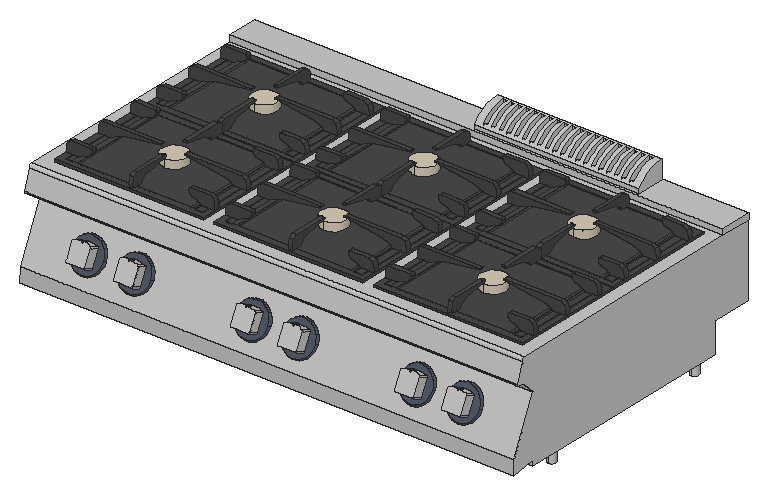
Revit family "QF_ZANUSSI_372004_Z7GCGL6C00", category Specialty Equipment, Revit 2018 (continued)
Automatic sketch dimensions
  Extrusion 33 sketch curve to Extrusion 33 sketch curve = 2.997 mm  (x4)
  Extrusion 33 sketch curve to Extrusion 33 sketch curve = 20.003 mm  (x2)
  Extrusion 33 sketch curve to Extrusion 33 sketch curve = 5.399 mm
  Extrusion 33 sketch curve to Extrusion 33 sketch curve = 40.037 mm
  Extrusion 33 sketch curve to Extrusion 33 sketch curve = 0 mm  (x2)
  Extrusion 34 sketch curve to Extrusion 34 sketch curve = 3 mm
  Extrusion 34 sketch curve to Extrusion 34 sketch curve = 0 mm  (x2)
  Extrusion 34 sketch curve to Extrusion 34 sketch curve = 1 mm
  Extrusion 34 sketch curve to Extrusion 34 sketch curve = 15 mm
  Extrusion 35 sketch curve to Extrusion 35 sketch curve = 35 mm  (x2)
  Extrusion 36 sketch curve to Extrusion 36 sketch curve = 3 mm
  Extrusion 36 sketch curve to Extrusion 36 sketch curve = 0 mm
  Extrusion 36 sketch curve to Extrusion 36 sketch curve = 1 mm  (x2)
  Extrusion 36 sketch curve to Extrusion 36 sketch curve = 15 mm
  Extrusion 37 sketch curve to Extrusion 37 sketch curve = 35 mm  (x2)
  Extrusion 39 sketch curve to Extrusion 39 sketch curve = 2.997 mm  (x4)
  Extrusion 39 sketch curve to Extrusion 39 sketch curve = 20.003 mm  (x2)
  Extrusion 39 sketch curve to Extrusion 39 sketch curve = 0 mm  (x2)
  Extrusion 39 sketch curve to Extrusion 39 sketch curve = 40.037 mm
  Extrusion 39 sketch curve to Extrusion 39 sketch curve = 5.399 mm
  Split face 34 sketch curve to Split face 34 sketch curve = 6 mm
  Split face 34 sketch curve to Split face 34 sketch curve = 10 mm
  Split face 35 sketch curve to Split face 35 sketch curve = 5 mm
  Split face 35 sketch curve to Split face 35 sketch curve = 9 mm
  Split face 36 sketch curve to Split face 36 sketch curve = 5 mm
  Split face 37 sketch curve to Split face 37 sketch curve = 5 mm
  Split face 38 sketch curve to Split face 38 sketch curve = 6 mm
  Split face 38 sketch curve to Split face 38 sketch curve = 10 mm
  Split face 39 sketch curve to Split face 39 sketch curve = 5 mm
  Split face 39 sketch curve to Split face 39 sketch curve = 9 mm
  Split face 40 sketch curve to Split face 40 sketch curve = 5 mm
  Split face 41 sketch curve to Split face 41 sketch curve = 5 mm
  curve 2 to plane 4 "RIGHT" = 0 mm
  plane 5 "FRONT" to curve 3 = 0.129 mm
  plane 5 "FRONT" to curve 1 = 0.129 mm
  plane 3 "LEFT" to curve 91 = 120.334 mm
  curve 91 to curve 94 = 0.774 mm
  curve 91 to curve 92 = 1.846 mm
  curve 94 to curve 93 = 10.309 mm
  curve 91 to curve 95 = 21.322 mm
  curve 95 to curve 104 = 1.738 mm
  curve 93 to curve 102 = 22.215 mm
  curve 92 to curve 101 = 40.691 mm
  curve 101 to curve 103 = 1.071 mm
  curve 100 to curve 116 = 70.617 mm
  curve 116 to curve 119 = 0.774 mm
  curve 116 to curve 117 = 1.846 mm
  curve 119 to curve 118 = 10.309 mm
  curve 116 to curve 120 = 21.322 mm
  curve 120 to curve 111 = 1.738 mm
  curve 118 to curve 109 = 22.215 mm
  curve 108 to curve 110 = 1.071 mm
  curve 126 to plane 7 "Center Y" = 79.666 mm
  curve 126 to curve 129 = 0.774 mm
  curve 126 to curve 127 = 1.846 mm
  curve 128 to plane 7 "Center Y" = 68.583 mm
  curve 130 to plane 7 "Center Y" = 58.344 mm
  curve 130 to curve 139 = 1.738 mm
  curve 128 to curve 137 = 22.215 mm
  curve 136 to curve 138 = 1.071 mm
  curve 135 to curve 151 = 70.617 mm
  curve 151 to curve 154 = 0.774 mm
  curve 151 to curve 152 = 1.846 mm
  curve 154 to curve 153 = 10.309 mm
  curve 151 to curve 155 = 21.322 mm
  curve 155 to curve 146 = 1.738 mm
  curve 153 to curve 144 = 22.215 mm
  curve 152 to curve 143 = 40.691 mm
  curve 143 to curve 145 = 1.071 mm
  curve 160 to plane 4 "RIGHT" = 279.666 mm
  curve 160 to curve 163 = 0.774 mm
  curve 160 to curve 161 = 1.846 mm
  curve 163 to curve 162 = 10.309 mm
  curve 160 to curve 164 = 21.322 mm
  curve 164 to curve 173 = 1.738 mm
  curve 162 to curve 171 = 22.215 mm
  curve 161 to curve 170 = 40.691 mm
  curve 170 to curve 172 = 1.071 mm
  curve 185 to curve 188 = 0.774 mm
  curve 185 to curve 186 = 1.846 mm
  curve 188 to curve 187 = 10.309 mm
  curve 189 to plane 4 "RIGHT" = 143.344 mm
  curve 189 to curve 180 = 1.738 mm
  curve 187 to curve 178 = 22.215 mm
  curve 177 to plane 4 "RIGHT" = 122.129 mm
  curve 177 to curve 179 = 1.071 mm
  curve 128 to curve 137 = 0 mm
  curve 187 to curve 178 = 0 mm
  curve 93 to curve 102 = 0 mm
  curve 162 to curve 171 = 0 mm
  curve 153 to curve 144 = 0 mm
  curve 118 to curve 109 = 0 mm
  curve 163 to curve 162 = 43.345 mm
  curve 119 to curve 110 = 0 mm
  curve 163 to curve 172 = 0 mm
  curve 94 to curve 103 = 0 mm
  curve 188 to curve 179 = 0 mm
  curve 154 to curve 145 = 0 mm
  curve 129 to curve 138 = 0 mm
  curve 143 to curve 145 = 14.462 mm
  curve 136 to curve 138 = 14.462 mm
  curve 170 to curve 172 = 14.462 mm
  curve 108 to curve 110 = 14.462 mm
  curve 186 to curve 188 = 14.462 mm
  curve 92 to curve 94 = 14.462 mm
  curve 116 to curve 117 = 2.779 mm
  curve 107 to curve 108 = 2.779 mm
  curve 91 to curve 92 = 2.779 mm
  curve 185 to curve 186 = 2.779 mm
  curve 176 to curve 177 = 2.779 mm
  curve 126 to curve 127 = 2.779 mm
  curve 169 to curve 170 = 2.779 mm
  curve 160 to curve 161 = 2.779 mm
  curve 135 to curve 136 = 2.779 mm
  curve 100 to curve 101 = 2.779 mm
  curve 151 to curve 152 = 2.779 mm
  curve 142 to curve 143 = 2.779 mm
  curve 120 to curve 116 = 88.173 mm
  curve 139 to curve 135 = 88.173 mm
  curve 180 to curve 176 = 88.173 mm
  curve 146 to curve 142 = 88.173 mm
  curve 130 to curve 139 = 0 mm  (x2)
  curve 189 to curve 180 = 0 mm  (x2)
  curve 120 to curve 111 = 0 mm  (x2)
  curve 173 to curve 169 = 88.173 mm
  curve 95 to curve 91 = 88.173 mm
  curve 164 to curve 173 = 0 mm  (x2)
  curve 95 to curve 104 = 0 mm  (x2)
  curve 155 to curve 146 = 0 mm  (x2)
  curve 93 to curve 94 = 11.392 mm
  curve 94 to curve 94 = 1.583 mm
  curve 92 to curve 91 = 0.277 mm
  curve 94 to curve 94 = 0.284 mm
  curve 92 to curve 105 = 2.465 mm
  curve 94 to curve 97 = 20.417 mm
  curve 96 to curve 98 = 2 mm
  curve 105 to curve 100 = 2.189 mm
  curve 103 to curve 104 = 0.284 mm
  curve 100 to curve 101 = 0.277 mm
  curve 100 to curve 100 = 0.809 mm
  curve 104 to curve 102 = 1.299 mm
  curve 99 to curve 102 = 9.809 mm
  curve 118 to curve 119 = 11.392 mm
  curve 115 to curve 116 = 0.809 mm
  curve 117 to curve 116 = 0.277 mm
  curve 120 to curve 119 = 0.284 mm
  curve 117 to curve 121 = 2.465 mm
  curve 119 to curve 114 = 20.417 mm
  curve 114 to curve 112 = 2 mm
  curve 108 to curve 107 = 2.189 mm
  curve 110 to curve 110 = 0.284 mm
  curve 107 to curve 107 = 0.277 mm
  curve 111 to curve 109 = 1.299 mm
  curve 107 to curve 106 = 0.809 mm
  curve 106 to curve 109 = 9.809 mm
  curve 128 to plane 7 "Center Y" = 90.284 mm
  curve 126 to curve 126 = 0.809 mm
  curve 127 to curve 126 = 0.277 mm
  curve 130 to curve 129 = 0.284 mm
  curve 126 to curve 140 = 2.465 mm
  curve 129 to curve 130 = 20.417 mm
  curve 130 to curve 139 = 2 mm
  curve 140 to curve 135 = 2.189 mm
  curve 138 to curve 139 = 0.284 mm
  curve 135 to curve 136 = 0.277 mm
  curve 135 to curve 135 = 0.809 mm
  curve 139 to curve 137 = 1.299 mm
  curve 134 to curve 137 = 9.809 mm
  curve 153 to curve 154 = 11.392 mm
  curve 154 to curve 154 = 1.583 mm
  curve 151 to curve 151 = 0.277 mm
  curve 154 to curve 154 = 0.284 mm
  curve 151 to curve 156 = 2.465 mm
  curve 154 to curve 149 = 20.417 mm
  curve 148 to curve 147 = 2 mm
  curve 156 to curve 142 = 2.189 mm
  curve 145 to curve 145 = 0.284 mm
  curve 142 to curve 143 = 0.277 mm
  curve 142 to curve 142 = 0.809 mm
  curve 146 to curve 144 = 1.299 mm
  curve 141 to curve 144 = 9.809 mm
  curve 162 to curve 163 = 11.392 mm
  curve 163 to curve 163 = 1.583 mm
  curve 160 to curve 160 = 0.277 mm
  curve 158 to curve 161 = 1.654 mm
  curve 163 to curve 163 = 0.284 mm
  curve 160 to curve 161 = 2.465 mm
  curve 163 to curve 165 = 20.417 mm
  curve 165 to curve 167 = 2 mm
  curve 174 to curve 169 = 2.189 mm
  curve 172 to curve 172 = 0.284 mm
  curve 169 to curve 170 = 0.277 mm
  curve 169 to curve 168 = 0.809 mm
  curve 173 to curve 171 = 1.299 mm
  curve 168 to curve 171 = 9.809 mm
  curve 187 to curve 188 = 11.392 mm
  curve 185 to curve 185 = 0.809 mm
  curve 185 to curve 185 = 0.277 mm
  curve 189 to curve 188 = 0.284 mm
  curve 185 to curve 190 = 2.465 mm
  curve 188 to curve 189 = 20.417 mm
  curve 183 to curve 181 = 2 mm
  curve 190 to curve 176 = 2.189 mm
  curve 179 to curve 179 = 0.284 mm
  curve 176 to curve 177 = 0.277 mm
  curve 176 to curve 176 = 0.809 mm
  curve 180 to curve 178 = 1.299 mm
  curve 178 to plane 4 "RIGHT" = 109.666 mm
  plane 4 "RIGHT" to curve 89 = 0.05 mm
  curve 192 to curve 89 = 0 mm
  curve 145 to curve 144 = 7.106 mm
  curve 188 to curve 187 = 7.106 mm
  curve 94 to curve 93 = 7.106 mm
  curve 118 to curve 115 = 4.292 mm
  curve 119 to curve 114 = 7.106 mm
  curve 129 to curve 128 = 7.106 mm
  curve 93 to curve 90 = 4.292 mm
  curve 128 to curve 125 = 4.292 mm
  curve 187 to curve 184 = 4.292 mm
  curve 144 to curve 141 = 4.292 mm
  curve 172 to curve 168 = 7.106 mm
  curve 178 to curve 175 = 4.292 mm
  curve 109 to curve 106 = 4.292 mm
  curve 137 to curve 134 = 4.292 mm
  curve 146 to curve 147 = 3.441 mm
  curve 104 to curve 98 = 3.441 mm
  curve 111 to curve 112 = 3.441 mm
  curve 180 to curve 181 = 3.441 mm
  curve 173 to curve 167 = 3.441 mm
  curve 139 to curve 133 = 3.441 mm
  curve 114 to curve 120 = 2.23 mm
  curve 97 to curve 95 = 2.23 mm
  curve 131 to curve 130 = 2.23 mm
  curve 167 to curve 173 = 2.23 mm
  curve 181 to curve 180 = 2.23 mm
  curve 147 to curve 146 = 2.23 mm
  curve 136 to curve 157 = 6.567 mm
  curve 177 to curve 192 = 6.567 mm
  curve 186 to curve 191 = 6.567 mm
  curve 101 to curve 122 = 6.567 mm
  curve 108 to curve 123 = 6.567 mm
  curve 124 to curve 89 = 15 mm
  curve 161 to curve 158 = 6.567 mm
  curve 89 to curve 193 = 13.167 mm
  Extrusion 1 sketch curve to plane 5 "FRONT" = 0 mm
  Extrusion 1 sketch curve to plane 10 = 52.989 mm
  Extrusion 1 sketch curve to plane 5 "FRONT" = 15.116 mm
  Extrusion 1 sketch curve to Extrusion 1 sketch curve = 2.884 mm
  Extrusion 1 sketch curve to plane 11 = 65.474 mm
  Extrusion 1 sketch curve to Extrusion 1 sketch curve = 13.051 mm
  Extrusion 1 sketch curve to plane 10 = 56.816 mm
  Extrusion 1 sketch curve to Extrusion 1 sketch curve = 10.198 mm
  Extrusion 1 sketch curve to plane 11 = 58 mm
  plane 9 "Base Height" to Extrusion 1 sketch curve = 13.428 mm
  Extrusion 1 sketch curve to Extrusion 1 sketch curve = 56.355 mm
  Extrusion 1 sketch curve to Extrusion 1 sketch curve = 0.445 mm
  Extrusion 1 sketch curve to Extrusion 1 sketch curve = 3.2 mm
  Extrusion 1 sketch curve to plane 10 = 88.636 mm
  Extrusion 1 sketch curve to Extrusion 1 sketch curve = 31.82 mm
  plane 1 "BACK" to Extrusion 1 sketch curve = 103 mm
  Extrusion 1 sketch curve to plane 1 "BACK" = 0 mm
  Extrusion 1 sketch curve to Extrusion 1 sketch curve = 7.92 mm
  plane 9 "Base Height" to Extrusion 1 sketch curve = 0 mm
  Extrusion 1 sketch curve to Extrusion 1 sketch curve = 35 mm
  Extrusion 1 sketch curve to Extrusion 1 sketch curve = 74 mm
  radius of Extrusion 4 sketch curve = 6.35 mm
  radius of Blend 8 sketch curve = 42.5 mm
  radius of Blend 8 sketch curve = 40.5 mm
  radius of Split face 1 sketch curve = 3 mm
  radius of Blend 14 sketch curve = 42.5 mm
  radius of Blend 14 sketch curve = 40.5 mm
  radius of Split face 10 sketch curve = 1.5 mm
  radius of Split face 11 sketch curve = 2.029 mm
  radius of Split face 12 sketch curve = 2.031 mm
  radius of Split face 13 sketch curve = 3.497 mm
  radius of Split face 14 sketch curve = 3.497 mm
  radius of Split face 15 sketch curve = 3 mm
  radius of Split face 16 sketch curve = 1.5 mm
  radius of Blend 16 sketch curve = 42.5 mm
  radius of Blend 16 sketch curve = 40.5 mm
  radius of Blend 22 sketch curve = 42.5 mm
  radius of Blend 22 sketch curve = 40.5 mm
  radius of Blend 24 sketch curve = 42.5 mm
  radius of Blend 24 sketch curve = 40.5 mm
  radius of Blend 30 sketch curve = 42.5 mm
  radius of Blend 30 sketch curve = 40.5 mm
  radius of Split face 17 sketch curve = 3 mm
  radius of Split face 26 sketch curve = 1.5 mm
  radius of Split face 27 sketch curve = 2.029 mm
  radius of Split face 28 sketch curve = 2.031 mm
  radius of Split face 29 sketch curve = 3.497 mm
  radius of Split face 30 sketch curve = 3.497 mm
  radius of Split face 31 sketch curve = 3 mm
  radius of Split face 32 sketch curve = 1.5 mm
  radius of Blend 32 sketch curve = 42.5 mm
  radius of Blend 32 sketch curve = 40.5 mm
  radius of Blend 38 sketch curve = 42.5 mm
  radius of Blend 38 sketch curve = 40.5 mm
  radius of Split face 33 sketch curve = 3 mm
  radius of Split face 42 sketch curve = 1.5 mm
  radius of Split face 43 sketch curve = 2.029 mm
  radius of Split face 44 sketch curve = 2.031 mm
  radius of Split face 45 sketch curve = 3.497 mm
  radius of Split face 46 sketch curve = 3.497 mm
  radius of Split face 47 sketch curve = 3 mm
  radius of Split face 48 sketch curve = 1.5 mm
Nested families
  nested 1: "QF_372004_BURNER" at (24.358, -6.2, -576.213), type "QF_372004_BURNER"
    with Type Mark "", Status "", Specification by User "", Revision Code "", Item Number "", Installed By "", Identify Quantity as Lot yes, Furnished By "", Foodservice Equipment Identifier yes
  nested 2: "QF_372004_BURNER" at (24.358, -740.327, -576.213), type "QF_372004_BURNER"
    with Type Mark "", Status "", Specification by User "", Revision Code "", Item Number "", Installed By "", Identify Quantity as Lot yes, Furnished By "", Foodservice Equipment Identifier yes
  nested 3: "QF_372004_BURNER" at (412.5, -6.2, -576.213), type "QF_372004_BURNER"
    with Type Mark "", Status "", Specification by User "", Revision Code "", Item Number "", Installed By "", Identify Quantity as Lot yes, Furnished By "", Foodservice Equipment Identifier yes
  nested 4: "QF_372004_BURNER" at (412.5, -740.327, -576.213), type "QF_372004_BURNER"
    with Type Mark "", Status "", Specification by User "", Revision Code "", Item Number "", Installed By "", Identify Quantity as Lot yes, Furnished By "", Foodservice Equipment Identifier yes
  nested 5: "QF_372004_BURNER" at (1175.642, -6.2, -576.213) x (-1, 0, 0) z (0, 0, 1), type "QF_372004_BURNER"
    with Type Mark "", Status "", Specification by User "", Revision Code "", Item Number "", Installed By "", Identify Quantity as Lot yes, Furnished By "", Foodservice Equipment Identifier yes
  nested 6: "QF_372004_BURNER" at (1175.642, -740.327, -576.213) x (-1, 0, 0) z (0, 0, 1), type "QF_372004_BURNER"
    with Type Mark "", Status "", Specification by User "", Revision Code "", Item Number "", Installed By "", Identify Quantity as Lot yes, Furnished By "", Foodservice Equipment Identifier yes
Connectors
  piping at (1100, -76.2, 60.512), diameter 12.8
    settings: on Extrusion 4, index 1, connector inside diameter 0.50394", connector length 0 mm, flow factor 0, pipe flow 0 GPM, pressure drop 0.00 psi, fitting loss kfactor 0, connector angle 0.00°, fixture units 0, engagement length 0 mm, angle of deflection 0.00°, flow configuration 1, flow direction 1, fitting loss method 0, system type 7, joint type 0, gender type 0, connector reference index -1, connector utility 0, adjustable connector no, is connector primary yes, connector description "Gas Inlet"
Definition of nested family "QF_372004_BURNER"
  Parameters
    Weight in Pounds = 0
    URL Cutsheet = ""
    URL = "www.electrolux.com"
    Type Mark [instance] = ""
    Status [instance] = ""
    Specification by User [instance] = ""
    Specification by Manufacturer = ""
    Serial Number = ""
    Seismic Rating = ""
    SMACNA No = ""
    Revision Code [instance] = ""
    Omniclass Number and Title = ""
    NAFEM Spec ID Number = ""
    Model = "371009"
    Masterspec = ""
    Manufacturer = "ELECTROLUX"
    Item Number [instance] = ""
    Installed By [instance] = ""
    Identify Quantity as Lot [instance] = yes
    Furnished By [instance] = ""
    Foodservice Equipment Identifier [instance] = yes
    Description = ""
    CSI MasterFormat = ""
    CSI Master Format = ""
  Reference planes
    plane 1 "BACK": y = 0
    plane 2: z = 0
    plane 3 "LEFT": x = 0
    plane 4 "RIGHT": x = 800
    plane 5 "FRONT": y = -700
    plane 6 "TOP": z = 908.85
    plane 7 "Center Y": x = 400
    plane 8 "Center X": y = -350
    plane 9 "Base": z = 150
    plane 10: z = 850.85
  Forms (mm)
    Extrusion 1, solid
      sketch origin (0, -734.127, 5) x (1, 0, 0) y (0, 0, -1)
        loop
          arc (7.142, -850.85) -> (6.739, -862.989) -> (9.761, -874.752) r 42.809
          line (9.761, -874.752) -> (19.961, -879.425) -> (157.339, -879.425)
          arc (157.339, -879.425) -> (158.533, -878.312) -> (157.506, -877.043) r 1.197
          line (157.506, -877.043) -> (64.848, -864.021)
          arc (64.848, -864.021) -> (50.111, -858.738) -> (36.589, -850.85) r 85.245
          line (36.589, -850.85) -> (7.142, -850.85)
        loop
          line (367.858, -850.85) -> (338.411, -850.85)
          arc (338.411, -850.85) -> (324.889, -858.738) -> (310.152, -864.021) r 85.245
          line (310.152, -864.021) -> (217.494, -877.043)
          arc (217.494, -877.043) -> (216.467, -878.312) -> (217.661, -879.425) r 1.197
          line (217.661, -879.425) -> (355.039, -879.425) -> (365.239, -874.752)
          arc (365.239, -874.752) -> (368.261, -862.989) -> (367.858, -850.85) r 42.809
      from 224.564 to 234.564
    Extrusion 2, solid
      sketch origin (0, -734.127, 5) x (1, 0, 0) y (0, 0, -1)
        loop
          arc (7.056, -850.85) -> (6.705, -862.948) -> (9.748, -874.663) r 42.876
          line (9.748, -874.663) -> (19.961, -879.425) -> (65.851, -879.425)
          arc (65.851, -879.425) -> (68.577, -878.352) -> (69.841, -875.709) r 4
          arc (69.841, -875.709) -> (68.75, -869.25) -> (64.816, -864.012) r 13.87
          arc (64.816, -864.012) -> (50.096, -858.731) -> (36.589, -850.85) r 85.245
          line (36.589, -850.85) -> (7.056, -850.85)
        loop
          line (367.944, -850.85) -> (338.411, -850.85)
          arc (338.411, -850.85) -> (324.904, -858.731) -> (310.184, -864.012) r 85.245
          arc (310.184, -864.012) -> (306.25, -869.25) -> (305.159, -875.709) r 13.87
          arc (305.159, -875.709) -> (306.423, -878.352) -> (309.149, -879.425) r 4
          line (309.149, -879.425) -> (355.039, -879.425) -> (365.252, -874.663)
          arc (365.252, -874.663) -> (368.295, -862.948) -> (367.944, -850.85) r 42.876
      from 127.064 to 137.064
    Extrusion 3, solid
      sketch origin (0, -275, 5) x (1, 0, 0) y (0, 0, 1)
        loop
          arc (64.816, 864.012) -> (68.75, 869.25) -> (69.841, 875.709) r 13.87
          arc (69.841, 875.709) -> (68.577, 878.352) -> (65.851, 879.425) r 4
          line (65.851, 879.425) -> (19.961, 879.425) -> (9.748, 874.663)
          arc (9.748, 874.663) -> (6.705, 862.948) -> (7.056, 850.85) r 42.876
          line (7.056, 850.85) -> (36.589, 850.85)
          arc (36.589, 850.85) -> (50.096, 858.731) -> (64.816, 864.012) r 85.245
        loop
          arc (310.184, 864.012) -> (324.904, 858.731) -> (338.411, 850.85) r 85.245
          line (338.411, 850.85) -> (367.944, 850.85)
          arc (367.944, 850.85) -> (368.295, 862.948) -> (365.252, 874.663) r 42.876
          line (365.252, 874.663) -> (355.039, 879.425) -> (309.149, 879.425)
          arc (309.149, 879.425) -> (306.423, 878.352) -> (305.159, 875.709) r 4
          arc (305.159, 875.709) -> (306.25, 869.25) -> (310.184, 864.012) r 13.87
      from 127.064 to 137.064
    Extrusion 4, solid
      sketch origin (454.964, -29.48, 5) x (0, -1, 0) y (0, 0, 1)
        loop
          arc (366.649, 850.85) -> (375.927, 861.743) -> (389.337, 866.736) r 28.426
          line (389.337, 866.736) -> (441.256, 877.043)
          arc (441.256, 877.043) -> (442.283, 878.312) -> (441.089, 879.425) r 1.197
          line (441.089, 879.425) -> (347.797, 879.425)
          arc (347.797, 879.425) -> (343.211, 875.934) -> (337.583, 874.694) r 13.39
          line (337.583, 874.694) -> (337.583, 850.85) -> (366.649, 850.85)
        loop
          arc (606.236, 850.85) -> (606.587, 862.948) -> (603.543, 874.663) r 42.876
          line (603.543, 874.663) -> (593.33, 879.425) -> (509.077, 879.425)
          arc (509.077, 879.425) -> (507.883, 878.312) -> (508.911, 877.043) r 1.197
          line (508.911, 877.043) -> (560.83, 866.736)
          arc (560.83, 866.736) -> (574.239, 861.743) -> (583.518, 850.85) r 28.426
          line (583.518, 850.85) -> (606.236, 850.85)
      from 262.464 to 272.464
    Extrusion 5, solid
      sketch origin (0, 0, 850.85) x (0, -1, 0) y (1, 0, 0)
        loop
          line (642.216, 6.433) -> (642.216, 368.567) -> (367.857, 368.567) -> (367.857, 6.433) -> (642.216, 6.433)
        loop
          line (382.857, 21.433) -> (627.216, 21.433) -> (627.216, 353.567) -> (382.857, 353.567) -> (382.857, 21.433)
      from 0 to 5
    Extrusion 6, solid
      sketch origin (-12.5, 0, 855.85) x (0, -1, 0) y (1, 0, 0)
        loop
          circle (504.356, 200) r 30
      from -1.321 to 17.134
    Extrusion 7, solid
      sketch origin (0, -734.127, 0) x (1, 0, 0) y (0, 0, -1)
        loop
          line (21.433, -855.85) -> (36.589, -855.85)
          arc (36.589, -855.85) -> (40.561, -855.243) -> (44.305, -853.783) r 18.259
          arc (44.305, -853.783) -> (45.997, -853.366) -> (47.69, -853.783) r 3.649
          arc (47.69, -853.783) -> (49.901, -854.522) -> (52.232, -854.529) r 7.328
          line (52.232, -854.529) -> (322.768, -854.529)
          arc (322.768, -854.529) -> (325.099, -854.522) -> (327.31, -853.783) r 7.328
          arc (327.31, -853.783) -> (329.003, -853.366) -> (330.695, -853.783) r 3.649
          arc (330.695, -853.783) -> (334.439, -855.243) -> (338.411, -855.85) r 18.259
          line (338.411, -855.85) -> (353.567, -855.85) -> (353.567, -850.85) -> (21.433, -850.85) -> (21.433, -855.85)
      from 106.911 to 351.27
  Lines and regions (mm)
    symbolic lines
      curve 1: line (6.433, -642.216, 150) -> (368.567, -642.216, 150)
      curve 2: line (6.433, -367.857, 150) -> (6.433, -642.216, 150)
      curve 3: line (368.567, -367.857, 150) -> (192.5, -367.857, 150)
      curve 4: line (368.567, -642.216, 150) -> (368.567, -367.857, 150)
      curve 5: line (353.567, -382.857, 150) -> (192.5, -382.857, 150)
      curve 6: line (353.567, -627.216, 150) -> (353.567, -607.064, 150)
      curve 7: line (21.433, -627.216, 150) -> (182.5, -627.216, 150)
      curve 8: line (21.433, -382.857, 150) -> (21.433, -402.064, 150)
      curve 9: line (52.232, -627.216, 150) -> (52.232, -607.064, 150)
      curve 10: line (322.567, -382.857, 150) -> (322.567, -402.064, 150)
      curve 11: line (148.125, -499.564, 150) -> (148.125, -382.857, 150)
      curve 12: line (154.375, -382.857, 150) -> (154.375, -499.564, 150)
      curve 13: arc (148.297, -509.564, 150) -> (159.191, -533.254, 150) -> (182.5, -544.942, 150) r 39.375
      curve 14: arc (220.42, -509.564, 150) -> (211.39, -528.832, 150) -> (192.5, -538.631, 150) r 33.125
      curve 15: line (220.625, -382.857, 150) -> (220.625, -499.564, 150)
      curve 16: line (226.875, -499.564, 150) -> (226.875, -382.857, 150)
      curve 17: line (192.5, -636.339, 150) -> (192.5, -535.619, 150)
      curve 18: arc (182.657, -474.75, 150) -> (166.195, -483.236, 150) -> (157.853, -499.771, 150) r 30
      curve 19: arc (192.224, -533.982, 150) -> (208.621, -525.661, 150) -> (217.084, -509.337, 150) r 30
      curve 20: line (368.567, -597.064, 150) -> (305.159, -597.064, 150)
      curve 21: line (6.433, -607.064, 150) -> (69.841, -607.064, 150)
      curve 22: line (6.433, -509.564, 150) -> (156.429, -509.564, 150)
      curve 23: line (368.567, -499.564, 150) -> (218.571, -499.564, 150)
      curve 24: line (6.433, -412.064, 150) -> (69.841, -412.064, 150)
      curve 25: line (368.567, -402.064, 150) -> (305.159, -402.064, 150)
      curve 26: line (69.841, -597.064, 150) -> (6.433, -597.064, 150)
      curve 27: line (305.159, -607.064, 150) -> (368.567, -607.064, 150)
      curve 28: line (69.841, -402.064, 150) -> (6.433, -402.064, 150)
      curve 29: line (305.159, -412.064, 150) -> (368.567, -412.064, 150)
      curve 30: arc (69.841, -597.064, 150) -> (74.841, -602.064, 150) -> (69.841, -607.064, 150) r 5
      curve 31: arc (305.159, -607.064, 150) -> (300.159, -602.064, 150) -> (305.159, -597.064, 150) r 5
      curve 32: arc (69.841, -402.064, 150) -> (74.841, -407.064, 150) -> (69.841, -412.064, 150) r 5
      curve 33: arc (305.159, -412.064, 150) -> (300.159, -407.064, 150) -> (305.159, -402.064, 150) r 5
      curve 34: line (21.433, -412.064, 150) -> (21.433, -499.564, 150)
      curve 35: line (52.232, -402.064, 150) -> (52.232, -382.857, 150)
      curve 36: line (21.433, -509.564, 150) -> (21.433, -597.064, 150)
      curve 37: line (52.232, -499.564, 150) -> (52.232, -412.064, 150)
      curve 38: line (52.232, -597.064, 150) -> (52.232, -509.564, 150)
      curve 39: line (21.433, -607.064, 150) -> (21.433, -627.216, 150)
      curve 40: line (322.567, -607.064, 150) -> (322.567, -627.216, 150)
      curve 41: line (353.567, -597.064, 150) -> (353.567, -509.564, 150)
      curve 42: line (322.567, -509.564, 150) -> (322.567, -597.064, 150)
      curve 43: line (353.567, -499.564, 150) -> (353.567, -412.064, 150)
      curve 44: line (353.567, -402.064, 150) -> (353.567, -382.857, 150)
      curve 45: line (322.567, -412.064, 150) -> (322.567, -499.564, 150)
      curve 46: line (156.429, -499.564, 150) -> (6.433, -499.564, 150)
      curve 47: line (218.571, -509.564, 150) -> (368.567, -509.564, 150)
      curve 48: arc (218.571, -499.564, 150) -> (213.571, -504.564, 150) -> (218.571, -509.564, 150) r 5
      curve 49: arc (156.429, -499.564, 150) -> (161.429, -504.564, 150) -> (156.429, -509.564, 150) r 5
      curve 50: arc (157.916, -509.337, 150) -> (166.379, -525.661, 150) -> (182.776, -533.982, 150) r 30
      curve 51: arc (217.147, -499.771, 150) -> (208.805, -483.236, 150) -> (192.343, -474.75, 150) r 30
      curve 52: line (182.5, -535.619, 150) -> (182.5, -636.339, 150)
      curve 53: line (192.5, -473.508, 150) -> (192.5, -367.064, 150)
      curve 54: arc (192.5, -535.619, 150) -> (187.5, -530.619, 150) -> (182.5, -535.619, 150) r 5
      curve 55: arc (192.5, -473.508, 150) -> (187.5, -478.508, 150) -> (182.5, -473.508, 150) r 5
      curve 56: line (182.5, -367.857, 150) -> (6.433, -367.857, 150)
      curve 57: line (182.5, -382.857, 150) -> (21.433, -382.857, 150)
      curve 58: arc (192.5, -404.571, 150) -> (196.398, -417.071, 150) -> (192.5, -429.571, 150) r 21.993
      curve 59: arc (196.181, -420.148, 150) -> (199.482, -417.071, 150) -> (196.181, -413.995, 150) r 3.084
      curve 60: arc (182.5, -404.571, 150) -> (178.602, -417.071, 150) -> (182.5, -429.571, 150) r 21.993
      curve 61: arc (178.819, -420.148, 150) -> (175.518, -417.071, 150) -> (178.819, -413.995, 150) r 3.084
      curve 62: line (182.5, -367.064, 150) -> (182.5, -473.508, 150)
      curve 63: arc (182.5, -538.631, 150) -> (163.61, -528.832, 150) -> (154.58, -509.564, 150) r 33.125
      curve 64: arc (192.5, -544.942, 150) -> (215.809, -533.254, 150) -> (226.703, -509.564, 150) r 39.375
      curve 65: line (182.5, -636.339, 150) -> (192.5, -636.339, 150)
      curve 66: line (182.5, -377.277, 150) -> (192.5, -377.277, 150)
      curve 67: line (182.5, -367.064, 150) -> (192.5, -367.064, 150)
      curve 68: line (192.5, -627.216, 150) -> (353.567, -627.216, 150)
  Dimensions and locks
    equal spacing: plane 3 "LEFT", plane 7 "Center Y", plane 4 "RIGHT"
    plane 3 "LEFT" to plane 4 "RIGHT" = 800 mm
    equal spacing: plane 5 "FRONT", plane 8 "Center X", plane 1 "BACK"
    plane 5 "FRONT" to plane 1 "BACK" = 700 mm
    plane 6 "TOP" to level = 908.85 mm
    plane 9 "Base" to level = 150 mm
    plane 6 "TOP" to plane 10 = 58 mm  (x2)
    aligned and locked: level to plane 2
  Automatic sketch dimensions
    Extrusion 5 sketch curve to Extrusion 5 sketch curve = 15 mm  (x2)
    Extrusion 5 sketch curve to Extrusion 5 sketch curve = 332.134 mm
    plane 3 "LEFT" to Extrusion 2 sketch curve = 7.056 mm
    plane 3 "LEFT" to Extrusion 2 sketch curve = 9.748 mm
    Extrusion 2 sketch curve to Extrusion 2 sketch curve = 10.213 mm  (x2)
    plane 10 to Extrusion 2 sketch curve = 5 mm  (x2)
    Extrusion 2 sketch curve to Extrusion 2 sketch curve = 29.533 mm
    Extrusion 2 sketch curve to Extrusion 2 sketch curve = 12.72 mm  (x2)
    Extrusion 2 sketch curve to Extrusion 2 sketch curve = 6.697 mm
    Extrusion 2 sketch curve to Extrusion 2 sketch curve = 8.81 mm
    Extrusion 2 sketch curve to Extrusion 2 sketch curve = 9.845 mm  (x2)
    Extrusion 2 sketch curve to Extrusion 2 sketch curve = 3.99 mm  (x2)
    Extrusion 2 sketch curve to Extrusion 2 sketch curve = 0 mm  (x2)
    Extrusion 2 sketch curve to Extrusion 2 sketch curve = 36.813 mm
    Extrusion 2 sketch curve to plane 7 "Center Y" = 111.122 mm
    Extrusion 2 sketch curve to plane 6 "TOP" = 28.141 mm
    Extrusion 2 sketch curve to plane 7 "Center Y" = 94.841 mm
    Extrusion 2 sketch curve to Extrusion 2 sketch curve = 1.035 mm
    Extrusion 2 sketch curve to Extrusion 2 sketch curve = 15.507 mm
    Extrusion 2 sketch curve to Extrusion 2 sketch curve = 16.628 mm
    Extrusion 2 sketch curve to Extrusion 2 sketch curve = 2.692 mm
    Extrusion 2 sketch curve to plane 6 "TOP" = 24.425 mm
    Extrusion 2 sketch curve to Extrusion 2 sketch curve = 28.575 mm
    Extrusion 2 sketch curve to Extrusion 2 sketch curve = 3.716 mm
    Extrusion 2 sketch curve to Extrusion 2 sketch curve = 4.763 mm  (x2)
    plane 3 "LEFT" to Extrusion 1 sketch curve = 7.142 mm
    plane 3 "LEFT" to Extrusion 1 sketch curve = 9.761 mm
    Extrusion 1 sketch curve to Extrusion 1 sketch curve = 10.201 mm  (x2)
    plane 10 to Extrusion 1 sketch curve = 5 mm  (x2)
    Extrusion 1 sketch curve to Extrusion 1 sketch curve = 29.447 mm
    Extrusion 1 sketch curve to Extrusion 1 sketch curve = 12.704 mm  (x2)
    Extrusion 1 sketch curve to Extrusion 1 sketch curve = 15.555 mm  (x2)
    Extrusion 1 sketch curve to Extrusion 1 sketch curve = 36.829 mm
    Extrusion 1 sketch curve to plane 6 "TOP" = 24.425 mm  (x2)
    Extrusion 1 sketch curve to Extrusion 1 sketch curve = 92.491 mm
    Extrusion 1 sketch curve to plane 6 "TOP" = 26.807 mm  (x2)
    Extrusion 1 sketch curve to Extrusion 1 sketch curve = 0.167 mm  (x2)
    Extrusion 1 sketch curve to Extrusion 1 sketch curve = 59.988 mm
    Extrusion 1 sketch curve to plane 7 "Center Y" = 111.122 mm
    plane 10 to Extrusion 1 sketch curve = 18.171 mm
    Extrusion 1 sketch curve to Extrusion 1 sketch curve = 21.274 mm
    Extrusion 1 sketch curve to Extrusion 1 sketch curve = 16.628 mm
    Extrusion 1 sketch curve to Extrusion 1 sketch curve = 2.618 mm
    Extrusion 1 sketch curve to Extrusion 1 sketch curve = 4.673 mm  (x2)
    Extrusion 1 sketch curve to Extrusion 1 sketch curve = 5.694 mm
    plane 3 "LEFT" to Extrusion 3 sketch curve = 7.056 mm
    plane 3 "LEFT" to Extrusion 3 sketch curve = 9.748 mm
    Extrusion 3 sketch curve to Extrusion 3 sketch curve = 10.213 mm  (x2)
    plane 10 to Extrusion 3 sketch curve = 5 mm  (x2)
    Extrusion 3 sketch curve to Extrusion 3 sketch curve = 29.533 mm
    Extrusion 3 sketch curve to Extrusion 3 sketch curve = 12.72 mm  (x2)
    Extrusion 3 sketch curve to Extrusion 3 sketch curve = 6.697 mm
    Extrusion 3 sketch curve to Extrusion 3 sketch curve = 8.81 mm
    Extrusion 3 sketch curve to Extrusion 3 sketch curve = 9.845 mm  (x2)
    Extrusion 3 sketch curve to Extrusion 3 sketch curve = 3.99 mm  (x2)
    Extrusion 3 sketch curve to Extrusion 3 sketch curve = 0 mm  (x2)
    Extrusion 3 sketch curve to Extrusion 3 sketch curve = 36.813 mm
    Extrusion 3 sketch curve to plane 7 "Center Y" = 111.122 mm
    Extrusion 3 sketch curve to plane 6 "TOP" = 28.141 mm
    Extrusion 3 sketch curve to plane 7 "Center Y" = 94.841 mm
    Extrusion 3 sketch curve to Extrusion 3 sketch curve = 1.035 mm
    Extrusion 3 sketch curve to Extrusion 3 sketch curve = 15.507 mm
    Extrusion 3 sketch curve to Extrusion 3 sketch curve = 16.628 mm
    Extrusion 3 sketch curve to Extrusion 3 sketch curve = 2.692 mm
    Extrusion 3 sketch curve to plane 10 = 64.377 mm  (x2)
    plane 10 to Extrusion 3 sketch curve = 12.281 mm  (x2)
    Extrusion 3 sketch curve to Extrusion 3 sketch curve = 10.713 mm
    Extrusion 5 to Extrusion 6 sketch curve = 121.499 mm
    Extrusion 5 to Extrusion 6 sketch curve = 166.067 mm
    plane 3 "LEFT" to Extrusion 5 sketch curve = 21.433 mm
    Extrusion 5 sketch curve to plane 5 "FRONT" = 72.784 mm
    plane 3 "LEFT" to Extrusion 7 sketch curve = 21.433 mm
    Extrusion 7 sketch curve to Extrusion 7 sketch curve = 14.402 mm
    plane 10 to Extrusion 7 sketch curve = 5 mm
    plane 10 to Extrusion 7 sketch curve = 2.933 mm  (x4)
    Extrusion 7 sketch curve to Extrusion 7 sketch curve = 7.716 mm  (x2)
    Extrusion 7 sketch curve to Extrusion 7 sketch curve = 0 mm  (x2)
    Extrusion 7 sketch curve to Extrusion 7 sketch curve = 1.692 mm  (x2)
    Extrusion 7 sketch curve to Extrusion 7 sketch curve = 3.385 mm  (x2)
    Extrusion 7 sketch curve to plane 10 = 3.559 mm  (x2)
    Extrusion 7 sketch curve to Extrusion 7 sketch curve = 302.478 mm
    Extrusion 7 sketch curve to Extrusion 7 sketch curve = 15.253 mm
    Extrusion 7 sketch curve to Extrusion 7 sketch curve = 15.156 mm  (x2)
    Extrusion 7 sketch curve to Extrusion 7 sketch curve = 3.233 mm
    Extrusion 7 sketch curve to plane 10 = 0 mm
    Extrusion 7 sketch curve to plane 7 "Center Y" = 77.232 mm
    Extrusion 5 sketch curve to plane 8 "Center X" = 32.857 mm
    plane 3 "LEFT" to Extrusion 5 sketch curve = 6.433 mm
    plane 1 "BACK" to Extrusion 5 sketch curve = 367.857 mm
    plane 10 to Extrusion 4 sketch curve = 5 mm  (x2)
    Extrusion 4 sketch curve to Extrusion 4 sketch curve = 29.066 mm
    Extrusion 4 sketch curve to Extrusion 4 sketch curve = 22.688 mm
    Extrusion 4 sketch curve to plane 10 = 7.392 mm  (x2)
    Extrusion 4 sketch curve to Extrusion 4 sketch curve = 25.583 mm
    Extrusion 4 sketch curve to plane 6 "TOP" = 24.425 mm  (x2)
    Extrusion 4 sketch curve to Extrusion 4 sketch curve = 51.752 mm
    Extrusion 4 sketch curve to Extrusion 4 sketch curve = 0.167 mm  (x2)
    Extrusion 4 sketch curve to plane 6 "TOP" = 26.807 mm
    Extrusion 4 sketch curve to Extrusion 4 sketch curve = 67.655 mm
    Extrusion 4 sketch curve to Extrusion 4 sketch curve = 49.024 mm
    Extrusion 4 sketch curve to Extrusion 4 sketch curve = 2.895 mm
    Extrusion 4 sketch curve to Extrusion 4 sketch curve = 3.153 mm
    Extrusion 4 sketch curve to Extrusion 4 sketch curve = 19.535 mm
    Extrusion 4 sketch curve to Extrusion 4 sketch curve = 9.813 mm
    Extrusion 4 sketch curve to Extrusion 4 sketch curve = 10.213 mm
    Extrusion 4 sketch curve to Extrusion 4 sketch curve = 22.718 mm
    Extrusion 4 sketch curve to Extrusion 4 sketch curve = 8.605 mm
    Extrusion 4 sketch curve to Extrusion 4 sketch curve = 4.731 mm
    Extrusion 4 sketch curve to Extrusion 4 sketch curve = 2.382 mm
    Extrusion 4 sketch curve to Extrusion 4 sketch curve = 8.658 mm
    Extrusion 4 sketch curve to plane 8 "Center X" = 17.064 mm
    curve 13 to curve 14 = 0 mm  (x2)
    curve 13 to curve 63 = 0 mm  (x2)
    curve 13 to curve 64 = 0 mm  (x2)
    curve 18 to curve 19 = 0 mm  (x2)
    curve 18 to curve 50 = 0 mm  (x2)
    curve 18 to curve 51 = 0 mm  (x2)
    curve 25 to plane 7 "Center Y" = 31.433 mm
    curve 3 to curve 44 = 15 mm
    curve 43 to curve 44 = 0 mm
    curve 1 to curve 68 = 15 mm
    curve 41 to curve 43 = 0 mm
    curve 6 to curve 40 = 31 mm
    curve 41 to curve 42 = 31 mm
    curve 43 to curve 45 = 31 mm
    curve 10 to curve 45 = 0 mm
    curve 40 to curve 27 = 17.408 mm
    curve 45 to curve 29 = 17.408 mm
    curve 16 to curve 64 = 0.172 mm
    curve 16 to curve 15 = 6.25 mm
    curve 64 to curve 14 = 6.283 mm
    curve 15 to curve 23 = 2.054 mm
    curve 23 to curve 51 = 1.424 mm
    curve 47 to curve 19 = 1.487 mm
    curve 15 to curve 60 = 20.029 mm
    curve 60 to curve 59 = 4.198 mm
    curve 59 to curve 59 = 0.216 mm  (x2)
    curve 19 to curve 64 = 24.584 mm
    curve 55 to curve 51 = 0.157 mm
    curve 54 to curve 19 = 0.276 mm
    curve 19 to curve 64 = 4.724 mm
    curve 18 to curve 13 = 0 mm
    curve 54 to curve 54 = 5 mm
    curve 50 to curve 54 = 0.276 mm
    curve 18 to curve 55 = 0.157 mm
    curve 60 to curve 61 = 3.681 mm
    curve 61 to curve 61 = 0 mm
    curve 61 to curve 61 = 0.216 mm
    curve 61 to curve 58 = 4.198 mm
    curve 13 to curve 50 = 29.584 mm
    curve 50 to curve 18 = 0.064 mm
    curve 50 to curve 22 = 1.487 mm
    curve 22 to curve 63 = 1.849 mm
    curve 49 to curve 12 = 2.054 mm
    curve 63 to curve 13 = 6.283 mm
    curve 12 to curve 11 = 6.25 mm
    plane 3 "LEFT" to curve 30 = 69.841 mm
    plane 3 "LEFT" to curve 28 = 69.841 mm
    plane 3 "LEFT" to curve 38 = 52.232 mm
    curve 24 to curve 37 = 17.609 mm
    curve 9 to curve 38 = 0 mm
    curve 28 to curve 35 = 17.609 mm
    plane 3 "LEFT" to curve 39 = 21.433 mm
    plane 3 "LEFT" to curve 8 = 21.433 mm
    curve 34 to curve 8 = 0 mm
    curve 36 to curve 34 = 0 mm
    plane 3 "LEFT" to curve 21 = 6.433 mm
    curve 67 to curve 56 = 0.794 mm
    curve 67 to curve 3 = 0.794 mm
    curve 56 to curve 66 = 9.419 mm
    curve 10 to curve 33 = 19.206 mm
    curve 8 to curve 8 = 19.206 mm
    curve 57 to curve 60 = 21.714 mm
    curve 60 to curve 58 = 0 mm
    curve 28 to curve 32 = 5 mm
    curve 33 to curve 33 = 5 mm
    curve 58 to curve 59 = 9.423 mm
    curve 61 to curve 58 = 3.077 mm
    curve 60 to curve 62 = 43.937 mm
    curve 51 to curve 15 = 24.814 mm
    curve 23 to curve 51 = 0.207 mm
    curve 18 to curve 13 = 1.529 mm
    curve 38 to curve 38 = 87.5 mm
    curve 42 to curve 31 = 87.5 mm
    curve 26 to curve 30 = 5 mm
    curve 31 to curve 31 = 5 mm
    curve 9 to curve 9 = 20.152 mm
    curve 65 to plane 5 "FRONT" = 63.661 mm
    curve 6 to curve 4 = 15 mm
    curve 55 to curve 55 = 5 mm
    curve 53 to curve 18 = 5 mm
    curve 45 to curve 16 = 95.692 mm
    curve 2 to curve 57 = 15 mm
    curve 10 to plane 8 "Center X" = 32.857 mm
    curve 57 to plane 8 "Center X" = 32.857 mm
    curve 6 to curve 68 = 20.152 mm
    radius of Extrusion 6 sketch curve = 30 mm
